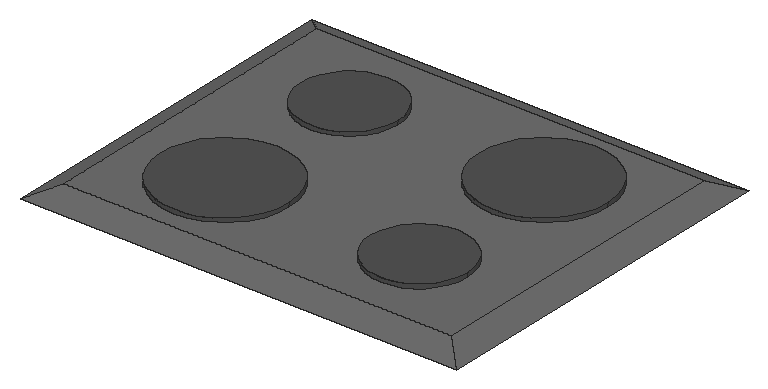
Revit family "M_瓦斯台 -4 單位2", category 特製設備, Revit 2014
Parameters (values of type "0615 x 500 mm")
  爐台材料 = 金屬 - 鉻
  Cooktop Material = 金屬 - 鋼，拋光
  深度 = 500.00 mm
  寬度 = 615.00 mm
  Assembly Code = ""
Reference planes
  plane 1 "中心 (前/後)": y = 0
  plane 2: z = 900
  plane 3 "中心 (左/右)": x = 0
  plane 4: x = -307.5
  plane 5: x = 307.5
  plane 6: y = 250
  plane 7: y = -250
  plane 8: y = 123
  plane 9: y = -123
  plane 10: x = -153.75
  plane 11: x = 153.75
  plane 12: z = 918
  plane 13: z = 924.35
Forms (mm)
  Blend 1, solid, material "金屬 - 鋼，拋光" <- "Cooktop Material"
    base sketch origin (0, 0, 0) x (1, 0, 0) y (0, 1, 0)
      loop
        line (-345.6, 288.1) -> (-345.6, -288.1) -> (345.6, -288.1) -> (345.6, 288.1) -> (-345.6, 288.1)
    top sketch origin (0, 0, 0) x (1, 0, 0) y (0, 1, 0)
      loop
        line (-307.5, 250) -> (-307.5, -250) -> (307.5, -250) -> (307.5, 250) -> (-307.5, 250)
    from 900 to 918
  Extrusion 2, solid, material "金屬 - 鉻" <- "爐台材料"
    sketch origin (0, 0, 918) x (-1, 0, 0) y (0, -1, 0)
      loop
        circle (153.75, 123) r 101.6
    from 0 to 6.35
  Extrusion 3, solid, material "金屬 - 鉻" <- "爐台材料"
    sketch origin (0, 0, 0) x (1, 0, 0) y (0, 1, 0)
      loop
        circle (-153.75, 123) r 76.59
    from 918 to 924.35
  Extrusion 4, solid, material "金屬 - 鉻" <- "爐台材料"
    sketch origin (0, 0, 0) x (1, 0, 0) y (0, 1, 0)
      loop
        circle (153.75, 123) r 101.6
    from 918 to 924.35
  Extrusion 5, solid, material "金屬 - 鉻" <- "爐台材料"
    sketch origin (0, 0, 0) x (1, 0, 0) y (0, 1, 0)
      loop
        circle (153.75, -123) r 76.2
    from 918 to 924.35
Lines and regions (mm)
  symbolic lines, style "SpecialityEquipment"
    curve 1: line (-345.6, 288.1, 0) -> (345.6, 288.1, 0)
    curve 2: line (-345.6, -288.1, 0) -> (-345.6, 288.1, 0)
    curve 3: line (345.6, -288.1, 0) -> (-345.6, -288.1, 0)
    curve 4: line (345.6, 288.1, 0) -> (345.6, -288.1, 0)
    curve 5: line (-307.5, 250, 0) -> (307.5, 250, 0)
    curve 6: line (-307.5, -250, 0) -> (-307.5, 250, 0)
    curve 7: line (307.5, -250, 0) -> (-307.5, -250, 0)
    curve 8: line (307.5, 250, 0) -> (307.5, -250, 0)
  symbolic lines
    curve 9: arc (-255.35, -123, 0) -> (-153.75, -224.6, 0) -> (-52.15, -123, 0) r 101.6
    curve 10: arc (-52.15, -123, 0) -> (-153.75, -21.4, 0) -> (-255.35, -123, 0) r 101.6
    curve 11: arc (-77.16, 123, 0) -> (-153.75, 199.59, 0) -> (-230.34, 123, 0) r 76.59
    curve 12: arc (-230.34, 123, 0) -> (-153.75, 46.41, 0) -> (-77.16, 123, 0) r 76.59
    curve 13: arc (255.35, 123, 0) -> (153.75, 224.6, 0) -> (52.15, 123, 0) r 101.6
    curve 14: arc (52.15, 123, 0) -> (153.75, 21.4, 0) -> (255.35, 123, 0) r 101.6
    curve 15: arc (229.95, -123, 0) -> (153.75, -46.8, 0) -> (77.55, -123, 0) r 76.2
    curve 16: arc (77.55, -123, 0) -> (153.75, -199.2, 0) -> (229.95, -123, 0) r 76.2
Dimensions and locks
  "寬度": plane 4 to plane 5
  equal spacing: plane 7, plane 1 "中心 (前/後)", plane 6
  equal spacing: plane 4, plane 3 "中心 (左/右)", plane 5
  "深度": plane 7 to plane 6
  plane 7 to Blend 1 sketch curve = 38.10 mm
  plane 8 to plane 6 = 127.00 mm
  plane 7 to plane 9 = 127.00 mm
  equal spacing: plane 4, plane 10, plane 3 "中心 (左/右)"
  equal spacing: plane 3 "中心 (左/右)", plane 11, plane 5
  locked: plane 12 to plane 2 at 18
  locked: plane 13 to plane 12 at 6.35
  radius of Extrusion 3 sketch curve = 76.59 mm
  radius of Extrusion 4 sketch curve = 101.60 mm
  radius of Extrusion 5 sketch curve = 76.20 mm
  aligned and locked: curve 9 to Extrusion 2
  aligned and locked: plane 12 to Blend 1
  aligned and locked: Extrusion 2 to plane 12
  aligned and locked: Extrusion 2 to plane 13
  aligned and locked: Extrusion 5 to plane 13
  aligned and locked: Extrusion 5 to plane 12
  aligned and locked: Extrusion 4 to plane 13
  aligned and locked: Extrusion 4 to plane 12
  aligned and locked: Extrusion 3 to plane 13
  aligned and locked: Extrusion 3 to plane 12
  aligned and locked: curve 11 to Extrusion 3
  aligned and locked: curve 13 to Extrusion 4
  aligned and locked: curve 15 to Extrusion 5
Automatic sketch dimensions
  plane 4 to Blend 1 sketch curve = 38.10 mm
  Blend 1 sketch curve to plane 5 = 38.10 mm
  Blend 1 sketch curve to plane 6 = 38.10 mm
  Blend 1 sketch curve to plane 4 = 0.00 mm
  Blend 1 sketch curve to plane 5 = 0.00 mm
  Blend 1 sketch curve to plane 7 = 0.00 mm
  Blend 1 sketch curve to plane 6 = 0.00 mm
  Extrusion 2 sketch curve to plane 9 = 0.00 mm
  Extrusion 2 sketch curve to plane 10 = 0.00 mm
  Extrusion 2 sketch curve to Extrusion 2 sketch curve = 101.60 mm
  curve 7 to plane 4 = 0.00 mm
  curve 5 to plane 5 = 0.00 mm
  plane 4 to curve 1 = 38.10 mm
  curve 1 to plane 5 = 38.10 mm
  plane 7 to curve 4 = 38.10 mm
  curve 2 to plane 6 = 38.10 mm
  curve 7 to plane 7 = 0.00 mm
  curve 8 to plane 6 = 0.00 mm
  Extrusion 3 sketch curve to plane 8 = 0.00 mm
  Extrusion 3 sketch curve to plane 10 = 0.00 mm
  Extrusion 4 sketch curve to plane 8 = 0.00 mm
  Extrusion 4 sketch curve to plane 11 = 0.00 mm
  Extrusion 5 sketch curve to plane 9 = 0.00 mm
  Extrusion 5 sketch curve to plane 11 = 0.00 mm
